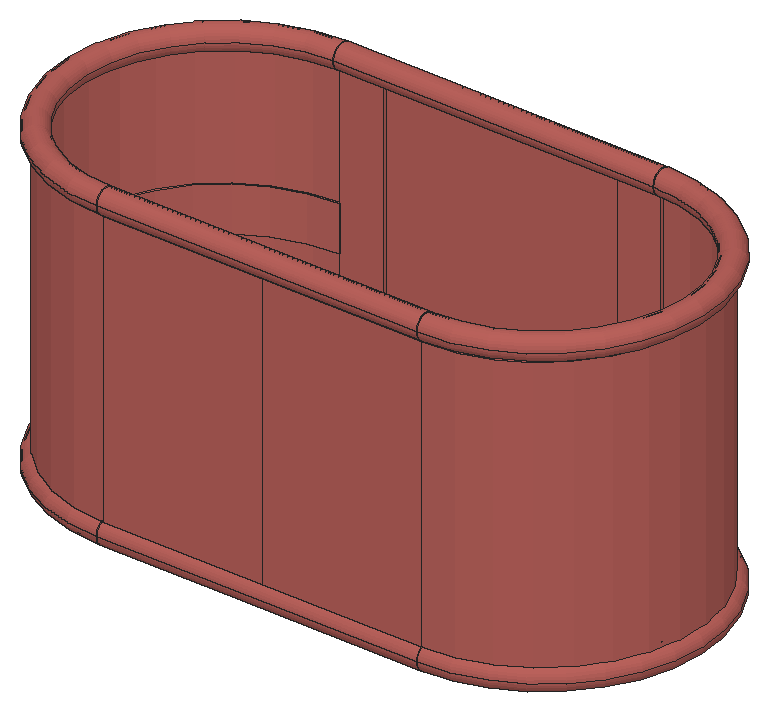
Revit family "product code 61414-F", category Meble, Revit 2021
Family settings
  Numer OmniClass = 23.40.20.00
  Tytuł OmniClass = General Furniture and Specialties
  Oparty na płaszczyźnie roboczej = Nie
  Zawsze pionowo = Tak
  Tnij formami wycięć po wczytaniu = Nie
  Współdzielony = Nie
  Punkt obliczania pomieszczeń = Nie
Parameters (values of type "Sydhaven")
  metal = Kobenhagen RAL 3000
  Width = "45 cm"
  Weight = "40 kg"
  URL = "https://kobenhagen.com/en_US/p/Sydhavn-Large-Plant-Case/245"
  Size = "130 L"
  Product Line = "Sydhavn"
  Product Groups = "Plant Cases"
  Producent = "Lars Laj"
  Keynote = ""
  Opis = "Sydhavn Large Plant Case"
  Model = "61414-F"
  Material = "Powder coated steel"
  Maintenance = "We recommend to examine and tighten all screws and bolt clamps after a few weeks’ use. In order to prevent cracks and to extend the life of the wood, it is recommended that the wood details should be oiled every 3-5 years."
  Lenght = "90 cm"
  Type Comments = ""
  Kobenhagen Materials = "larslaj.com/bim"
  Hosted on larslaj.com = "https://larslaj.com/bim"
  Height = "46 cm"
  Domyślna rzędna = 0 mm
  Copyright = "All designs and drawings are the intellectual property of Lars Laj A/S and are protected by Danish and international copyright laws."
Reference planes
  plane 1: z = 0
  plane 2 "Środek (Lewa/Prawa)": x = 0
  plane 3 "Góra": z = 1062.347
  plane 4 "Środek": y = 257.204
Forms (mm)
  Extrusion 1, solid, material "Kobenhagen RAL 3000" <- "metal", not visible
    sketch origin (0, 0, 0) x (0, 1, 0) y (0, 0, 1)
      loop
        arc (71.187, 451.5) -> (57.045, 445.642) -> (51.187, 431.5) r 20
        line (51.187, 431.5) -> (51.187, 18.231)
        arc (51.187, 18.231) -> (56.527, 5.34) -> (69.418, 0) r 18.231
        line (69.418, 0) -> (153.638, 0) -> (153.638, 15) -> (448.638, 15) -> (448.638, 0) -> (527.023, 0)
        arc (527.023, 0) -> (542.307, 6.331) -> (548.638, 21.615) r 21.615
        line (548.638, 21.615) -> (548.638, 429.407)
        arc (548.638, 429.407) -> (542.168, 445.029) -> (526.545, 451.5) r 22.093
        line (526.545, 451.5) -> (71.187, 451.5)
    from 750.378 to 745
  Extrusion 2, solid, material "Kobenhagen RAL 3000" <- "metal", not visible
    sketch origin (0, 0, 0) x (0, 1, 0) y (0, 0, 1)
      loop
        line (548.638, 396.844) -> (629.375, 854.725) -> (601.836, 859.581)
        arc (601.836, 859.581) -> (585.224, 855.898) -> (576.082, 841.547) r 22.232
        line (576.082, 841.547) -> (507.306, 451.5) -> (526.545, 451.5)
        arc (526.545, 451.5) -> (542.168, 445.029) -> (548.638, 429.407) r 22.093
        line (548.638, 429.407) -> (548.638, 396.844)
    from 745 to 750.378
  Extrusion 3, solid, material "Kobenhagen RAL 3000" <- "metal"
    sketch origin (0, 0, 0) x (1, 0, 0) y (0, 1, 0)
      loop
        arc (-222.545, 468.924) -> (-434.324, 257.145) -> (-222.545, 45.366) r 211.779
        line (-222.545, 45.366) -> (222.825, 45.366)
        arc (222.825, 45.366) -> (434.604, 257.145) -> (222.825, 468.924) r 211.779
        line (222.825, 468.924) -> (-222.545, 468.924)
      loop
        arc (-222.602, 469.384) -> (-436.347, 255.64) -> (-222.602, 41.895) r 213.745
        line (-222.602, 41.895) -> (0.192, 41.895) -> (224.479, 41.895)
        arc (224.479, 41.895) -> (438.224, 255.64) -> (224.479, 469.384) r 213.745
        line (224.479, 469.384) -> (0.192, 469.384) -> (-222.602, 469.384)
    from 41.439 to 426.55
  Sweep 4, solid, material "Kobenhagen RAL 3000" <- "metal"
    path origin (0, 0, 0) x (1, 0, 0) y (0, 1, 0)
      loop
        arc (225.192, 448.704) -> (416.492, 257.404) -> (225.192, 66.104) r 191.3
    profile origin (416.492, 257.404, 0) x (1, 0, 0) y (0, 0, 1)
      loop
        circle (16.745, 27.135) r 16.8
      loop
        circle (16.745, 27.135) r 15
      loop
        circle (16.745, 443.371) r 16.8
      loop
        circle (16.745, 443.371) r 15
  Sweep 5, solid, material "Kobenhagen RAL 3000" <- "metal"
    path origin (0, 0, 0) x (-1, 0, 0) y (0, -1, 0)
      loop
        arc (225.192, -448.704) -> (416.492, -257.404) -> (225.192, -66.104) r 191.3
    profile origin (-416.492, 257.404, 0) x (1, 0, 0) y (0, 0, 1)
      loop
        circle (-16.745, 27.135) r 16.8
      loop
        circle (-16.745, 27.135) r 15
      loop
        circle (-16.745, 443.371) r 16.8
      loop
        circle (-16.745, 443.371) r 15
  Extrusion 6, solid, material "Kobenhagen RAL 3000" <- "metal"
    sketch origin (0, 0, 0) x (0, 1, 0) y (0, 0, 1)
      loop
        circle (465.449, 443.371) r 15
      loop
        circle (465.449, 443.371) r 16.8
      loop
        circle (49.359, 443.371) r 15
      loop
        circle (49.359, 443.371) r 16.8
      loop
        circle (49.359, 27.135) r 16.8
      loop
        circle (49.359, 27.135) r 15
      loop
        circle (465.449, 27.135) r 15
      loop
        circle (465.449, 27.135) r 16.8
    from -225.192 to 225.192
  Extrusion 7, solid, material "Kobenhagen RAL 3000" <- "metal"
    sketch origin (0, 0.13, 0) x (1, 0, 0) y (0, 1, 0)
      loop
        arc (-229.979, 465.067) -> (-433.734, 264.5) -> (-246.536, 48.399) r 208.921
        line (-246.536, 48.399) -> (0.192, 48.399) -> (245.309, 48.399)
        arc (245.309, 48.399) -> (434.45, 263.593) -> (230.756, 465.067) r 208.822
        line (230.756, 465.067) -> (-229.979, 465.067)
    from 10.408 to 11.948
  Extrusion 8, solid, material "Kobenhagen RAL 3000" <- "metal"
    sketch origin (0, 0, 0) x (1, 0, 0) y (0, 1, 0)
      loop
        line (-419.43, 288.487) -> (-419.43, 228.487) -> (421.715, 228.487) -> (421.715, 288.487) -> (-419.43, 288.487)
    from 0 to 10.408
  Extrusion 9, solid, material "Kobenhagen RAL 3000" <- "metal"
    sketch origin (0, 0, 0) x (1, 0, 0) y (0, 1, 0)
      loop
        line (-163.819, 288.487) -> (-163.819, 450.449) -> (-225.192, 450.449) -> (-225.192, 288.487) -> (-163.819, 288.487)
      loop
        line (165.069, 288.487) -> (226.442, 288.487) -> (226.442, 450.449) -> (165.069, 450.449) -> (165.069, 288.487)
      loop
        line (-163.819, 225.921) -> (-225.192, 225.921) -> (-225.192, 63.959) -> (-163.819, 63.959) -> (-163.819, 225.921)
      loop
        line (165.069, 225.921) -> (165.069, 63.959) -> (226.442, 63.959) -> (226.442, 225.921) -> (165.069, 225.921)
    from 11.5 to 10.408
  Extrusion 10, solid, material "Kobenhagen RAL 3000" <- "metal"
    sketch origin (0, 0, 0) x (1, 0, 0) y (0, 1, 0)
      loop
        line (-218.819, 449.098) -> (-218.819, 399.098) -> (-168.819, 399.098) -> (-168.819, 449.098) -> (-218.819, 449.098)
      loop
        line (171.181, 449.098) -> (171.181, 399.098) -> (221.181, 399.098) -> (221.181, 449.098) -> (171.181, 449.098)
      loop
        line (171.181, 117.875) -> (171.181, 67.875) -> (221.181, 67.875) -> (221.181, 117.875) -> (171.181, 117.875)
      loop
        line (-218.819, 117.875) -> (-218.819, 67.875) -> (-168.819, 67.875) -> (-168.819, 117.875) -> (-218.819, 117.875)
    from 0 to 10.408
  Extrusion 11, solid, material "Kobenhagen RAL 3000" <- "metal"
    sketch origin (0, 0, 0) x (1, 0, 0) y (0, 1, 0)
      loop
        line (164.629, 465.394) -> (164.629, 461.779) -> (226.019, 461.779) -> (226.019, 465.394) -> (164.629, 465.394)
      loop
        line (-164.629, 465.394) -> (-226.019, 465.394) -> (-226.019, 461.779) -> (-164.629, 461.779) -> (-164.629, 465.394)
      loop
        line (164.629, 49.013) -> (226.019, 49.013) -> (226.019, 50.833) -> (164.629, 50.833) -> (164.629, 49.013)
      loop
        line (-164.629, 45.366) -> (-164.629, 49.801) -> (-226.019, 49.801) -> (-226.019, 45.366) -> (-164.629, 45.366)
    from 45.2 to 427.8
  Extrusion 12, solid, material "Kobenhagen RAL 3000" <- "metal"
    sketch origin (0, -0.625, 0) x (1, 0, 0) y (0, 1, 0)
      loop
        arc (-226.019, 465.254) -> (-433.898, 256.335) -> (-226.019, 47.416) r 208.921
        line (-226.019, 47.416) -> (-226.019, 50.416)
        arc (-226.019, 50.416) -> (-430.898, 256.335) -> (-226.019, 462.254) r 205.921
        line (-226.019, 462.254) -> (-226.019, 465.254)
    from 194.728 to 257.663
  Extrusion 13, solid, material "Kobenhagen RAL 3000" <- "metal"
    sketch origin (0, 0.312, 0) x (-1, 0, 0) y (0, -1, 0)
      loop
        line (-226.019, -465.254) -> (-226.019, -462.254)
        arc (-226.019, -462.254) -> (-430.898, -256.335) -> (-226.019, -50.416) r 205.921
        line (-226.019, -50.416) -> (-226.019, -47.416)
        arc (-226.019, -47.416) -> (-433.898, -256.335) -> (-226.019, -465.254) r 208.921
    from 194.728 to 257.663
Dimensions and locks
  aligned and locked: level to plane 1
